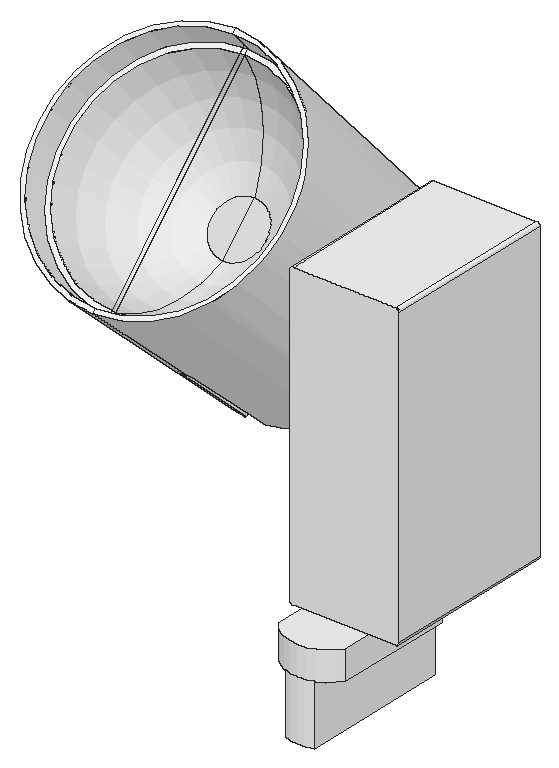
Revit family "0004879 Feilo Sylvania Lighting Fixture START TRACK SPOT L 35W 4K RA90 WB WHITE", category Lighting Fixtures, host Face, Revit 2017
Family settings
  Host = Face
  Round Connector Dimension = Use Diameter
  Part Type = Normal
  OmniClass Number = 23.80.70.00
  OmniClass Title = Lighting
  Cut with Voids When Loaded = No
  Light Source = No
  Shared = No
  Room Calculation Point = No
Parameters (values of type "0004879 START TRACK SPOT L 35W 4K RA90 WB WHITE")
  Weight = "1.368 kg"
  Wattage Comments = ""
  WarrantyStartDate [instance] = "n/a"
  WarrantyGuarantorParts = "n/a"
  WarrantyDurationUnit = "n/a"
  WarrantyDurationParts = "n/a"
  WarrantyDescription = "n/a"
  Voltage = 230 V
  URL = "http://www.sylvania-lighting.com"
  TypeName = "START TRACK SPOT L 35W 4K RA90 WB WHITE"
  TypeHead_FEILO = Start Track Spot Head : 0004879 START TRACK SPOT L 35W 4K RA90 WB WHITE
  TypeBox_FEILO = Start Track Spot Box : Type Large White
  Type Image = <None>
  Type Comments = "n/a"
  VerticalRotation_FEILO [instance] = 0.00°
  SlideEndAngle_FEILO [instance] = VerticalRotation_FEILO + 180.00°  # 180.00°
  SerialNumber [instance] = "n/a"
  Material_3_FEILO = none
  PowerFactor = 0.93
  PowerConsumption = "35 W"
  NominalLength = 0 mm
  NominalHeight = 240 mm
  NominalDepth = 164 mm
  Name = "START TRACK SPOT L 35W 4K RA90 WB WHITE"
  ModelReference = Name  # "START TRACK SPOT L 35W 4K RA90 WB WHITE"
  ModelNumber = "0004879"
  Model = Name  # "START TRACK SPOT L 35W 4K RA90 WB WHITE"
  Material = "adc12 aluminium housing, polycarbonate diffuser"
  ManufacturerName = "Feilo Sylvania"
  Manufacturer = "Feilo Sylvania"
  LuminousEfficacy = "102 lm/W"
  LuminaireType = ""
  LightOutputRatio = "100"
  LampsType = Lamp  # "LED"
  LampNominalLuminous = "3562 lm"
  LampMacAdamStep = "3"
  LampColourTemperature = "4000 K"
  LampColourRenderingIndex = "90"
  Lamp = "LED"
  Keynote = "16500"
  InstallationDate [instance] = "n/a"
  InputVoltage = "230-240V~"
  InputNominalFrequency = "50/60 Hz"
  IngressProtection = "IP20"
  ImpactProtectionIndex = "IK02"
  IfcExportType = "IfcLightFixtureType"
  IfcExportAs = "IfcLightFixtureType"
  HorizontalRotation_FEILO [instance] = 45.00°
  ExpectedLife = 50000
  ElectricShockClassification = "Class II"
  DurationUnit = "hours"
  DocumentationLiterature = "http://www.sylvania-lighting.com/product/en-int/products/0004879"
  DimmingControlOptions = "Non dimmable"
  Material_2_FEILO = none
  Description = "Integrated LED spotlight, Textured White - RAL9016, compact and minimalist design, ideal for retail applications, die-cast aluminium body, passive cooling heatsink. Beam angle: 52°, color temperature: 4000K , total system power: 35W, total fixture output: 3562 lm, LOR: 100%, colour rendering: Ra: 90 typical, LED Chromaticity: 3 step MacAdam ellipse, lifetime: >50000 hours at L70B50, energy class: A++, A+, A, IR/UV free light source without heat radiation, operating voltage: 220-240V / 50-60Hz, drive current: 900mA, electronic driver, non-dimmable, power factor: 0.93, electrical protection: Class II, Global Track 3 Phase adapter suitable for Global trac 3-circuit tracks, ingress protection rating: IP20, suitable for internal environment only, horizontal rotation: 355°, vertical tilt: 90°, dimensions: Ø113x164x240, weight: 1.368kg."
  Default Elevation = 1219.2 mm
  CreatedOn = "12/12/2017"
  CreatedBy = ""
  Cost = 0
  built-in parameter 1114216 [instance] = (empty or 0)
  ClassificationValue = "EF_70_80"
  ClassificationName = "Uniclass2015"
  Material_1_FEILO = Body-Sylvania-StartTrackSpot-White
  BarCode [instance] = "n/a"
  AssetType = "Fixed"
  AssetIdentifier [instance] = "n/a"
  Assembly Code = "D5020200"
  Apparent Load = 35 VA
  Material_4_FEILO = none
Reference planes
  plane 1 "Center (Front/Back)": y = 0
  plane 2: z = 0
  plane 3 "Center (Left/Right)": x = 0
  plane 4: x = 15
  plane 5: x = -15
  plane 6: y = 35
  plane 7: y = -35
  plane 8: z = 13
  plane 9: z = -27
  plane 10: x = 6.5
  plane 11: x = -6.5
  plane 12: y = 27
  plane 13: y = -27
  plane 14: y = 20
Forms (mm)
  Extrusion 1, solid, material "Body-Sylvania-StartTrackSpot-White" <- "Material_1_FEILO"
    sketch origin (0, 0, 0) x (1, 0, 0) y (0, 1, 0)
      loop
        line (-15, 27) -> (-15, -27)
        arc (-15, -27) -> (0, -35) -> (15, -27) r 18.062
        line (15, -27) -> (15, 27)
        arc (15, 27) -> (0, 35) -> (-15, 27) r 18.062
    from 0 to 13
  Extrusion 2, solid, material "Body-Sylvania-StartTrackSpot-White" <- "Material_1_FEILO"
    sketch origin (0, 0, 0) x (1, 0, 0) y (0, 1, 0)
      loop
        arc (6.5, 33.79) -> (0, 35) -> (-6.5, 33.79) r 18.062
        line (-6.5, 33.79) -> (-6.5, -33.79)
        arc (-6.5, -33.79) -> (0, -35) -> (6.5, -33.79) r 18.062
        line (6.5, -33.79) -> (6.5, 33.79)
    from 0 to -27
  Revolve 3, solid, not visible
    sketch origin (1524, 20, 1219.2) x (1, 0, 0) y (0, 0, 1)
      loop
        line (-1524, -1206.2) -> (-1524, -1191.285) -> (-1530.5, -1191.285) -> (-1530.5, -1206.2) -> (-1524, -1206.2)
      axis (-1524, -1191.285) -> (-1524, -1206.2)
    angle from 0 <- "VerticalRotation_FEILO" to 180 <- "SlideEndAngle_FEILO"
Cuts and joins
  joined: Extrusion 1, Extrusion 2
Dimensions and locks
  equal spacing: plane 10, plane 3 "Center (Left/Right)", plane 11
  equal spacing: plane 4, plane 3 "Center (Left/Right)", plane 5
  locked: plane 8 to plane 2 at 13
  locked: plane 8 to plane 9 at 40
  equal spacing: plane 13, plane 1 "Center (Front/Back)", plane 12
  locked: plane 12 to plane 6 at 8
  locked: plane 14 to plane 6 at 15
  locked: Revolve 3 sketch curve to plane 8 at 14.915
  aligned and locked: plane 2 to host face
  aligned and locked: level to host face
  aligned and locked: plane 5 to Extrusion 1 sketch curve  (x2)
  aligned and locked: plane 12 to Extrusion 1 sketch curve
  aligned and locked: plane 13 to Extrusion 1 sketch curve
  aligned and locked: plane 4 to Extrusion 1 sketch curve
  aligned and locked: Extrusion 1 to plane 8
  aligned and locked: Extrusion 1 to level
  aligned and locked: Extrusion 2 sketch curve to Extrusion 1  (x2)
  aligned and locked: Extrusion 2 sketch curve to plane 11
  aligned and locked: plane 10 to Extrusion 2 sketch curve
  aligned and locked: plane 9 to Extrusion 2
  aligned and locked: level to Extrusion 2
  aligned and locked: Revolve 3 sketch curve to plane 3 "Center (Left/Right)"  (x2)
  aligned and locked: plane 11 to Revolve 3 sketch curve
  aligned and locked: Revolve 3 sketch curve to plane 8
Automatic sketch dimensions
  host sketch curve to host sketch curve = 2438.4 mm  (x2)
  Extrusion 1 sketch curve to plane 3 "Center (Left/Right)" = 0 mm  (x2)
  Extrusion 1 sketch curve to plane 13 = 10.062 mm
  plane 12 to Extrusion 1 sketch curve = 10.062 mm
  Revolve 3 sketch curve to plane 3 "Center (Left/Right)" = 0 mm
  plane 9 to Revolve 3 sketch curve = 582.6 mm
  Revolve 3 sketch curve to Revolve 3 sketch curve = 2581.144 mm
Nested families
  nested 1: "Start Track Spot Head" at (-75.5, 20, 133) x (0, 0.7071, 0.7071) z (0, 0.7071, -0.7071), type <- "TypeHead_FEILO", type "0004879 START TRACK SPOT L 35W 4K RA90 WB WHITE"
    with built-in parameter 1114216 (empty or 0)
  nested 2: "Start Track Spot Box" at (8.5, 20, 85) x (-1, 0, 0) z (0, -1, 0), BoxStartAngle_FEILO <- "HorizontalRotation_FEILO", type <- "TypeBox_FEILO", type "Type Large White"
    with BoxStartAngle_FEILO 45.00°, BoxEndAngle_FEILO -135.00°
Connectors
  electrical at (0, 0, 0), driven by "Apparent Load", driven by "PowerFactor", driven by "Voltage"
    settings: index 1, voltage 230 V, apparent load 35 VA, apparent load phase1 0 VA, apparent load phase2 0 VA, apparent load phase3 0 VA, power factor 0.93, load classification "Lighting", number of poles 1, system type 30, power factor state 1, is connector primary yes, connector utility no, sub classification motor no, connector description ""
Definition of nested family "Start Track Spot Head"
  Parameters (values of type "0004811 START TRACK SPOT S 14W 3K RA80 NB WHITE")
    Wattage Comments = "n/a"
    Wattage = 14 W
    built-in parameter 1150110 = 1 (stored number, unit not read)
    URL = "http://www.feilosylvania.com"
    Type Image = (empty or 0)
    Type Comments = "n/a"
    built-in parameter 1114217 = 1 (stored number, unit not read)
    Tilt Angle = -90.00°
    built-in parameter 1150109 = 1 (stored number, unit not read)
    built-in parameter 1150134 = (empty or 0)
    built-in parameter 1150113 = 1 (stored number, unit not read)
    Photometric Web File = "0004811.ies"
    Material_3_FEILO = none
    Model = "START TRACK SPOT S 14W 3K RA80 NB WHITE"
    Manufacturer = "Feilo Sylvania"
    built-in parameter 1150105 = 123.66 (stored number, unit not read)
    Lumens = 1554 lm
    built-in parameter 1150115 = 1 (stored number, unit not read)
    built-in parameter 1150137 = (empty or 0)
    built-in parameter 1150139 = (empty or 0)
    built-in parameter 1150112 = 1 (stored number, unit not read)
    built-in parameter 1150114 = 1 (stored number, unit not read)
    Lamp = "LED"
    Keynote = "16500"
    Material_2_FEILO = none
    built-in parameter 1150132 = (empty or 0)
    built-in parameter 1150102 = (empty or 0)
    built-in parameter 1150107 = 3000 (stored number, unit not read)
    built-in parameter 1150138 = (empty or 0)
    built-in parameter 1150106 = 1.2366 (stored number, unit not read)
    HeadThickness_FEILO = if(HeadDiaOut_FEILO > 112 mm, 2 mm, 1.5 mm)  # 1.5 mm
    HeadRibOffset_FEILO = HeadHeight_FEILO / 28  # 4.179 mm
    HeadRibDepth_FEILO = HeadHeight_FEILO / 2.1  # 55.714 mm
    HeadRibCutWidth_FEILO = HeadDiaOut_FEILO / 12  # 7.167 mm
    HeadRibCutOffset_FEILO = HeadHeight_FEILO / 2.3  # 50.87 mm
    HeadReflectorRadius_FEILO = HeadDiaOut_FEILO / 1.7  # 50.588 mm
    HeadReflectorOffset_FEILO = HeadHeight_FEILO / 2.1  # 55.714 mm
    HeadLEDRadius_FEILO = HeadDiaOut_FEILO / 9  # 9.556 mm
    HeadHeight_FEILO = 117 mm
    HeadDraft_FEILO = 1 mm
    HeadDiffusorThickness_FEILO = 3 mm
    HeadDiffusorOffset_FEILO = HeadHeight_FEILO / 12.4  # 9.435 mm
    HeadDiaOut_FEILO = 86 mm
    HeadDiaIn_FEILO = HeadDiaOut_FEILO / 1.11  # 77.477 mm
    HeadAxisFromTop_FEILO = HeadHeight_FEILO / 1.687  # 69.354 mm
    Emit from Circle Diameter = HeadDiaIn_FEILO  # 77.477 mm
    Emit Shape Visible in Rendering = no
    built-in parameter 1150104 = 10.312 (stored number, unit not read)
    Dimming Lamp Color Temperature Shift = (empty or 0)
    Description = "Integrated LED spotlight, Textured White - RAL9016, compact and minimalist design, ideal for retail applications, die-cast aluminium body, passive cooling heatsink. Beam angle: 12°, color temperature: 3000K , total system power: 14W, total fixture output: 1551 lm, LOR: 100%, colour rendering: Ra: 80 typical, LED Chromaticity: 3 step MacAdam ellipse, lifetime: >50000 hours at L70B50, energy class: A++, A+, A, IR/UV free light source without heat radiation, operating voltage: 220-240V / 50-60Hz, drive current: 350mA, electronic driver, non-dimmable, power factor: 0.92, electrical protection: Class II, Global Track 3 Phase adapter suitable for Global trac 3-circuit tracks, ingress protection rating: IP20, suitable for internal environment only, horizontal rotation: 355°, vertical tilt: 90°, dimensions: Ø86x140x200, weight: 0.940kg."
    Default Elevation = 1219.2 mm
    Cost = 0
    Color Filter = 16777215
    built-in parameter 1114216 [instance] = (empty or 0)
    Material_1_FEILO = none
    built-in parameter 1114218 = 1 (stored number, unit not read)
    built-in parameter 1150133 = 10 (stored number, unit not read)
    Assembly Code = "D5020200"
    Apparent Load = 14 VA
    Material_4_FEILO = none
  Types (96, lengths in mm): name | Wattage | built-in parameter 1150134 | Photometric Web File | Model | built-in parameter 1150105 | Lumens | built-in parameter 1150107 | built-in parameter 1150106 | HeadThickness_FEILO | HeadRibOffset_FEILO | HeadRibDepth_FEILO | HeadRibCutWidth_FEILO | HeadRibCutOffset_FEILO | HeadReflectorRadius_FEILO | HeadReflectorOffset_FEILO | HeadLEDRadius_FEILO | HeadHeight_FEILO | HeadDiffusorOffset_FEILO | HeadDiaOut_FEILO | HeadDiaIn_FEILO | HeadAxisFromTop_FEILO | Emit from Circle Diameter | built-in parameter 1150104 | Description | Apparent Load
    0004906 START TRACK SPOT L 55W 4K RA90 WB BLACK | 55 W | 12 | "0004906.ies" | "START TRACK SPOT L 55W 4K RA90 WB BLACK" | 385.15 (stored number, unit not read) | 4840 lm | 4000 (stored number, unit not read) | 3.8515 (stored number, unit not read) | 2 | 4.429 | 59.048 | 9.417 | 53.913 | 66.471 | 59.048 | 12.556 | 124 | 10 | 113 | 101.802 | 73.503 | 101.802 | 8.1755 (stored number, unit not read) | "Integrated LED spotlight, Textured Black - RAL9005, compact and minimalist design, ideal for retail applications, die-cast aluminium body, passive cooling heatsink. Beam angle: 52°, color temperature: 4000K , total system power: 55W, total fixture output: 4824 lm, LOR: 100%, colour rendering: Ra: 90 typical, LED Chromaticity: 3 step MacAdam ellipse, lifetime: >50000 hours at L70B50, energy class: A++, A+, A, IR/UV free light source without heat radiation, operating voltage: 220-240V / 50-60Hz, drive current: 1400mA, electronic driver, non-dimmable, power factor: 0.96, electrical protection: Class II, Global Track 3 Phase adapter suitable for Global trac 3-circuit tracks, ingress protection rating: IP20, suitable for internal environment only, horizontal rotation: 355°, vertical tilt: 90°, dimensions: Ø113x164x240, weight: 1.398kg." | 55 VA
    0004905 START TRACK SPOT L 55W 4K RA90 MB BLACK | 55 W | 12 | "0004905.ies" | "START TRACK SPOT L 55W 4K RA90 MB BLACK" | 389.53 (stored number, unit not read) | 4895 lm | 4000 (stored number, unit not read) | 3.8953 (stored number, unit not read) | 2 | 4.429 | 59.048 | 9.417 | 53.913 | 66.471 | 59.048 | 12.556 | 124 | 10 | 113 | 101.802 | 73.503 | 101.802 | 8.2684 (stored number, unit not read) | "Integrated LED spotlight, Textured Black - RAL9005, compact and minimalist design, ideal for retail applications, die-cast aluminium body, passive cooling heatsink. Beam angle: 38°, color temperature: 4000K , total system power: 55W, total fixture output: 4897 lm, LOR: 100%, colour rendering: Ra: 90 typical, LED Chromaticity: 3 step MacAdam ellipse, lifetime: >50000 hours at L70B50, energy class: A++, A+, A, IR/UV free light source without heat radiation, operating voltage: 220-240V / 50-60Hz, drive current: 1400mA, electronic driver, non-dimmable, power factor: 0.96, electrical protection: Class II, Global Track 3 Phase adapter suitable for Global trac 3-circuit tracks, ingress protection rating: IP20, suitable for internal environment only, horizontal rotation: 355°, vertical tilt: 90°, dimensions: Ø113x164x240, weight: 1.398kg." | 55 VA
    0004904 START TRACK SPOT L 55W 4K RA90 NB BLACK | 55 W | 12 | "0004904.ies" | "START TRACK SPOT L 55W 4K RA90 NB BLACK" | 393.91 (stored number, unit not read) | 4950 lm | 4000 (stored number, unit not read) | 3.9391 (stored number, unit not read) | 2 | 4.429 | 59.048 | 9.417 | 53.913 | 66.471 | 59.048 | 12.556 | 124 | 10 | 113 | 101.802 | 73.503 | 101.802 | 8.3613 (stored number, unit not read) | "Integrated LED spotlight, Textured Black - RAL9005, compact and minimalist design, ideal for retail applications, die-cast aluminium body, passive cooling heatsink. Beam angle: 15°, color temperature: 4000K , total system power: 55W, total fixture output: 4965 lm, LOR: 100%, colour rendering: Ra: 90 typical, LED Chromaticity: 3 step MacAdam ellipse, lifetime: >50000 hours at L70B50, energy class: A++, A+, A, IR/UV free light source without heat radiation, operating voltage: 220-240V / 50-60Hz, drive current: 1400mA, electronic driver, non-dimmable, power factor: 0.96, electrical protection: Class II, Global Track 3 Phase adapter suitable for Global trac 3-circuit tracks, ingress protection rating: IP20, suitable for internal environment only, horizontal rotation: 355°, vertical tilt: 90°, dimensions: Ø113x164x240, weight: 1.398kg." | 55 VA
    0004903 START TRACK SPOT L 35W 4K RA90 WB BLACK | 35 W | 12 | "0004903.ies" | "START TRACK SPOT L 35W 4K RA90 WB BLACK" | 284.09 (stored number, unit not read) | 3570 lm | 4000 (stored number, unit not read) | 2.8409 (stored number, unit not read) | 2 | 4.429 | 59.048 | 9.417 | 53.913 | 66.471 | 59.048 | 12.556 | 124 | 10 | 113 | 101.802 | 73.503 | 101.802 | 9.4761 (stored number, unit not read) | "Integrated LED spotlight, Textured Black - RAL9005, compact and minimalist design, ideal for retail applications, die-cast aluminium body, passive cooling heatsink. Beam angle: 52°, color temperature: 4000K , total system power: 35W, total fixture output: 3562 lm, LOR: 100%, colour rendering: Ra: 90 typical, LED Chromaticity: 3 step MacAdam ellipse, lifetime: >50000 hours at L70B50, energy class: A++, A+, A, IR/UV free light source without heat radiation, operating voltage: 220-240V / 50-60Hz, drive current: 900mA, electronic driver, non-dimmable, power factor: 0.93, electrical protection: Class II, Global Track 3 Phase adapter suitable for Global trac 3-circuit tracks, ingress protection rating: IP20, suitable for internal environment only, horizontal rotation: 355°, vertical tilt: 90°, dimensions: Ø113x164x240, weight: 1.368kg." | 35 VA
    0004902 START TRACK SPOT L 35W 4K RA90 MB BLACK | 35 W | 12 | "0004902.ies" | "START TRACK SPOT L 35W 4K RA90 MB BLACK" | 286.88 (stored number, unit not read) | 3605 lm | 4000 (stored number, unit not read) | 2.8688 (stored number, unit not read) | 2 | 4.429 | 59.048 | 9.417 | 53.913 | 66.471 | 59.048 | 12.556 | 124 | 10 | 113 | 101.802 | 73.503 | 101.802 | 9.569 (stored number, unit not read) | "Integrated LED spotlight, Textured Black - RAL9005, compact and minimalist design, ideal for retail applications, die-cast aluminium body, passive cooling heatsink. Beam angle: 38°, color temperature: 4000K , total system power: 35W, total fixture output: 3616 lm, LOR: 100%, colour rendering: Ra: 90 typical, LED Chromaticity: 3 step MacAdam ellipse, lifetime: >50000 hours at L70B50, energy class: A++, A+, A, IR/UV free light source without heat radiation, operating voltage: 220-240V / 50-60Hz, drive current: 900mA, electronic driver, non-dimmable, power factor: 0.93, electrical protection: Class II, Global Track 3 Phase adapter suitable for Global trac 3-circuit tracks, ingress protection rating: IP20, suitable for internal environment only, horizontal rotation: 355°, vertical tilt: 90°, dimensions: Ø113x164x240, weight: 1.368kg." | 35 VA
    0004901 START TRACK SPOT L 35W 4K RA90 NB BLACK | 35 W | 12 | "0004901.ies" | "START TRACK SPOT L 35W 4K RA90 NB BLACK" | 286.88 (stored number, unit not read) | 3605 lm | 4000 (stored number, unit not read) | 2.8688 (stored number, unit not read) | 2 | 4.429 | 59.048 | 9.417 | 53.913 | 66.471 | 59.048 | 12.556 | 124 | 10 | 113 | 101.802 | 73.503 | 101.802 | 9.569 (stored number, unit not read) | "Integrated LED spotlight, Textured Black - RAL9005, compact and minimalist design, ideal for retail applications, die-cast aluminium body, passive cooling heatsink. Beam angle: 15°, color temperature: 4000K , total system power: 35W, total fixture output: 3593 lm, LOR: 100%, colour rendering: Ra: 90 typical, LED Chromaticity: 3 step MacAdam ellipse, lifetime: >50000 hours at L70B50, energy class: A++, A+, A, IR/UV free light source without heat radiation, operating voltage: 220-240V / 50-60Hz, drive current: 900mA, electronic driver, non-dimmable, power factor: 0.93, electrical protection: Class II, Global Track 3 Phase adapter suitable for Global trac 3-circuit tracks, ingress protection rating: IP20, suitable for internal environment only, horizontal rotation: 355°, vertical tilt: 90°, dimensions: Ø113x164x240, weight: 1.368kg." | 35 VA
    0004900 START TRACK SPOT S 24W 4K RA90 WB BLACK | 24 W | 12 | "0004900.ies" | "START TRACK SPOT S 24W 4K RA90 WB BLACK" | 166.16 (stored number, unit not read) | 2088 lm | 4000 (stored number, unit not read) | 1.6616 (stored number, unit not read) | 1.5 | 4.179 | 55.714 | 7.167 | 50.87 | 50.588 | 55.714 | 9.556 | 117 | 9.435 | 86 | 77.477 | 69.354 | 77.477 | 8.0826 (stored number, unit not read) | "Integrated LED spotlight, Textured Black - RAL9005, compact and minimalist design, ideal for retail applications, die-cast aluminium body, passive cooling heatsink. Beam angle: 64°, color temperature: 4000K , total system power: 24W, total fixture output: 2087 lm, LOR: 100%, colour rendering: Ra: 90 typical, LED Chromaticity: 3 step MacAdam ellipse, lifetime: >50000 hours at L70B50, energy class: A++, A+, A, IR/UV free light source without heat radiation, operating voltage: 220-240V / 50-60Hz, drive current: 600mA, electronic driver, non-dimmable, power factor: 0.95, electrical protection: Class II, Global Track 3 Phase adapter suitable for Global trac 3-circuit tracks, ingress protection rating: IP20, suitable for internal environment only, horizontal rotation: 355°, vertical tilt: 90°, dimensions: Ø86x140x200, weight: 0.966kg." | 24 VA
    0004899 START TRACK SPOT S 24W 4K RA90 MB BLACK | 24 W | 12 | "0004899.ies" | "START TRACK SPOT S 24W 4K RA90 MB BLACK" | 169.98 (stored number, unit not read) | 2136 lm | 4000 (stored number, unit not read) | 1.6998 (stored number, unit not read) | 1.5 | 4.179 | 55.714 | 7.167 | 50.87 | 50.588 | 55.714 | 9.556 | 117 | 9.435 | 86 | 77.477 | 69.354 | 77.477 | 8.2684 (stored number, unit not read) | "Integrated LED spotlight, Textured Black - RAL9005, compact and minimalist design, ideal for retail applications, die-cast aluminium body, passive cooling heatsink. Beam angle: 36°, color temperature: 4000K , total system power: 24W, total fixture output: 2141 lm, LOR: 100%, colour rendering: Ra: 90 typical, LED Chromaticity: 3 step MacAdam ellipse, lifetime: >50000 hours at L70B50, energy class: A++, A+, A, IR/UV free light source without heat radiation, operating voltage: 220-240V / 50-60Hz, drive current: 600mA, electronic driver, non-dimmable, power factor: 0.95, electrical protection: Class II, Global Track 3 Phase adapter suitable for Global trac 3-circuit tracks, ingress protection rating: IP20, suitable for internal environment only, horizontal rotation: 355°, vertical tilt: 90°, dimensions: Ø86x140x200, weight: 0.966kg." | 24 VA
    0004898 START TRACK SPOT S 24W 4K RA90 NB BLACK | 24 W | 12 | "0004898.ies" | "START TRACK SPOT S 24W 4K RA90 NB BLACK" | 171.89 (stored number, unit not read) | 2160 lm | 4000 (stored number, unit not read) | 1.7189 (stored number, unit not read) | 1.5 | 4.179 | 55.714 | 7.167 | 50.87 | 50.588 | 55.714 | 9.556 | 117 | 9.435 | 86 | 77.477 | 69.354 | 77.477 | 8.3613 (stored number, unit not read) | "Integrated LED spotlight, Textured Black - RAL9005, compact and minimalist design, ideal for retail applications, die-cast aluminium body, passive cooling heatsink. Beam angle: 12°, color temperature: 4000K , total system power: 24W, total fixture output: 2155 lm, LOR: 100%, colour rendering: Ra: 90 typical, LED Chromaticity: 3 step MacAdam ellipse, lifetime: >50000 hours at L70B50, energy class: A++, A+, A, IR/UV free light source without heat radiation, operating voltage: 220-240V / 50-60Hz, drive current: 600mA, electronic driver, non-dimmable, power factor: 0.95, electrical protection: Class II, Global Track 3 Phase adapter suitable for Global trac 3-circuit tracks, ingress protection rating: IP20, suitable for internal environment only, horizontal rotation: 355°, vertical tilt: 90°, dimensions: Ø86x140x200, weight: 0.966kg." | 24 VA
    0004897 START TRACK SPOT S 14W 4K RA90 WB BLACK | 14 W | 12 | "0004897.ies" | "START TRACK SPOT S 14W 4K RA90 WB BLACK" | 108.07 (stored number, unit not read) | 1358 lm | 4000 (stored number, unit not read) | 1.0807 (stored number, unit not read) | 1.5 | 4.179 | 55.714 | 7.167 | 50.87 | 50.588 | 55.714 | 9.556 | 117 | 9.435 | 86 | 77.477 | 69.354 | 77.477 | 9.0116 (stored number, unit not read) | "Integrated LED spotlight, Textured Black - RAL9005, compact and minimalist design, ideal for retail applications, die-cast aluminium body, passive cooling heatsink. Beam angle: 64°, color temperature: 4000K , total system power: 14W, total fixture output: 1352 lm, LOR: 100%, colour rendering: Ra: 90 typical, LED Chromaticity: 3 step MacAdam ellipse, lifetime: >50000 hours at L70B50, energy class: A++, A+, A, IR/UV free light source without heat radiation, operating voltage: 220-240V / 50-60Hz, drive current: 350mA, electronic driver, non-dimmable, power factor: 0.92, electrical protection: Class II, Global Track 3 Phase adapter suitable for Global trac 3-circuit tracks, ingress protection rating: IP20, suitable for internal environment only, horizontal rotation: 355°, vertical tilt: 90°, dimensions: Ø86x140x200, weight: 0.940kg." | 14 VA
    0004896 START TRACK SPOT S 14W 4K RA90 MB BLACK | 14 W | 12 | "0004896.ies" | "START TRACK SPOT S 14W 4K RA90 MB BLACK" | 108.07 (stored number, unit not read) | 1358 lm | 4000 (stored number, unit not read) | 1.0807 (stored number, unit not read) | 1.5 | 4.179 | 55.714 | 7.167 | 50.87 | 50.588 | 55.714 | 9.556 | 117 | 9.435 | 86 | 77.477 | 69.354 | 77.477 | 9.0116 (stored number, unit not read) | "Integrated LED spotlight, Textured Black - RAL9005, compact and minimalist design, ideal for retail applications, die-cast aluminium body, passive cooling heatsink. Beam angle: 36°, color temperature: 4000K , total system power: 14W, total fixture output: 1359 lm, LOR: 100%, colour rendering: Ra: 90 typical, LED Chromaticity: 3 step MacAdam ellipse, lifetime: >50000 hours at L70B50, energy class: A++, A+, A, IR/UV free light source without heat radiation, operating voltage: 220-240V / 50-60Hz, drive current: 350mA, electronic driver, non-dimmable, power factor: 0.92, electrical protection: Class II, Global Track 3 Phase adapter suitable for Global trac 3-circuit tracks, ingress protection rating: IP20, suitable for internal environment only, horizontal rotation: 355°, vertical tilt: 90°, dimensions: Ø86x140x200, weight: 0.940kg." | 14 VA
    0004895 START TRACK SPOT S 14W 4K RA90 NB BLACK | 14 W | 12 | "0004895.ies" | "START TRACK SPOT S 14W 4K RA90 NB BLACK" | 106.95 (stored number, unit not read) | 1344 lm | 4000 (stored number, unit not read) | 1.0695 (stored number, unit not read) | 1.5 | 4.179 | 55.714 | 7.167 | 50.87 | 50.588 | 55.714 | 9.556 | 117 | 9.435 | 86 | 77.477 | 69.354 | 77.477 | 8.9187 (stored number, unit not read) | "Integrated LED spotlight, Textured Black - RAL9005, compact and minimalist design, ideal for retail applications, die-cast aluminium body, passive cooling heatsink. Beam angle: 12°, color temperature: 4000K , total system power: 14W, total fixture output: 1349 lm, LOR: 100%, colour rendering: Ra: 90 typical, LED Chromaticity: 3 step MacAdam ellipse, lifetime: >50000 hours at L70B50, energy class: A++, A+, A, IR/UV free light source without heat radiation, operating voltage: 220-240V / 50-60Hz, drive current: 350mA, electronic driver, non-dimmable, power factor: 0.92, electrical protection: Class II, Global Track 3 Phase adapter suitable for Global trac 3-circuit tracks, ingress protection rating: IP20, suitable for internal environment only, horizontal rotation: 355°, vertical tilt: 90°, dimensions: Ø86x140x200, weight: 0.940kg." | 14 VA
    0004894 START TRACK SPOT L 55W 3K RA90 WB BLACK | 55 W | (empty or 0) | "0004894.ies" | "START TRACK SPOT L 55W 3K RA90 WB BLACK" | 350.14 (stored number, unit not read) | 4400 lm | 3000 (stored number, unit not read) | 3.5014 (stored number, unit not read) | 2 | 4.429 | 59.048 | 9.417 | 53.913 | 66.471 | 59.048 | 12.556 | 124 | 10 | 113 | 101.802 | 73.503 | 101.802 | 7.4322 (stored number, unit not read) | "Integrated LED spotlight, Textured Black - RAL9005, compact and minimalist design, ideal for retail applications, die-cast aluminium body, passive cooling heatsink. Beam angle: 52°, color temperature: 3000K , total system power: 55W, total fixture output: 4405 lm, LOR: 100%, colour rendering: Ra: 90 typical, LED Chromaticity: 3 step MacAdam ellipse, lifetime: >50000 hours at L70B50, energy class: A++, A+, A, IR/UV free light source without heat radiation, operating voltage: 220-240V / 50-60Hz, drive current: 1400mA, electronic driver, non-dimmable, power factor: 0.96, electrical protection: Class II, Global Track 3 Phase adapter suitable for Global trac 3-circuit tracks, ingress protection rating: IP20, suitable for internal environment only, horizontal rotation: 355°, vertical tilt: 90°, dimensions: Ø113x164x240, weight: 1.398kg." | 55 VA
    0004893 START TRACK SPOT L 55W 3K RA90 MB BLACK | 55 W | (empty or 0) | "0004893.ies" | "START TRACK SPOT L 55W 3K RA90 MB BLACK" | 354.52 (stored number, unit not read) | 4455 lm | 3000 (stored number, unit not read) | 3.5452 (stored number, unit not read) | 2 | 4.429 | 59.048 | 9.417 | 53.913 | 66.471 | 59.048 | 12.556 | 124 | 10 | 113 | 101.802 | 73.503 | 101.802 | 7.5251 (stored number, unit not read) | "Integrated LED spotlight, Textured Black - RAL9005, compact and minimalist design, ideal for retail applications, die-cast aluminium body, passive cooling heatsink. Beam angle: 38°, color temperature: 3000K , total system power: 55W, total fixture output: 4448 lm, LOR: 100%, colour rendering: Ra: 90 typical, LED Chromaticity: 3 step MacAdam ellipse, lifetime: >50000 hours at L70B50, energy class: A++, A+, A, IR/UV free light source without heat radiation, operating voltage: 220-240V / 50-60Hz, drive current: 1400mA, electronic driver, non-dimmable, power factor: 0.96, electrical protection: Class II, Global Track 3 Phase adapter suitable for Global trac 3-circuit tracks, ingress protection rating: IP20, suitable for internal environment only, horizontal rotation: 355°, vertical tilt: 90°, dimensions: Ø113x164x240, weight: 1.398kg." | 55 VA
    0004892 START TRACK SPOT L 55W 3K RA90 NB BLACK | 55 W | (empty or 0) | "0004892.ies" | "START TRACK SPOT L 55W 3K RA90 NB BLACK" | 350.14 (stored number, unit not read) | 4400 lm | 3000 (stored number, unit not read) | 3.5014 (stored number, unit not read) | 2 | 4.429 | 59.048 | 9.417 | 53.913 | 66.471 | 59.048 | 12.556 | 124 | 10 | 113 | 101.802 | 73.503 | 101.802 | 7.4322 (stored number, unit not read) | "Integrated LED spotlight, Textured Black - RAL9005, compact and minimalist design, ideal for retail applications, die-cast aluminium body, passive cooling heatsink. Beam angle: 15°, color temperature: 3000K , total system power: 55W, total fixture output: 4416 lm, LOR: 100%, colour rendering: Ra: 90 typical, LED Chromaticity: 3 step MacAdam ellipse, lifetime: >50000 hours at L70B50, energy class: A++, A+, A, IR/UV free light source without heat radiation, operating voltage: 220-240V / 50-60Hz, drive current: 1400mA, electronic driver, non-dimmable, power factor: 0.96, electrical protection: Class II, Global Track 3 Phase adapter suitable for Global trac 3-circuit tracks, ingress protection rating: IP20, suitable for internal environment only, horizontal rotation: 355°, vertical tilt: 90°, dimensions: Ø113x164x240, weight: 1.398kg." | 55 VA
    0004891 START TRACK SPOT L 35W 3K RA90 WB BLACK | 35 W | (empty or 0) | "0004891.ies" | "START TRACK SPOT L 35W 3K RA90 WB BLACK" | 259.02 (stored number, unit not read) | 3255 lm | 3000 (stored number, unit not read) | 2.5902 (stored number, unit not read) | 2 | 4.429 | 59.048 | 9.417 | 53.913 | 66.471 | 59.048 | 12.556 | 124 | 10 | 113 | 101.802 | 73.503 | 101.802 | 8.64 (stored number, unit not read) | "Integrated LED spotlight, Textured Black - RAL9005, compact and minimalist design, ideal for retail applications, die-cast aluminium body, passive cooling heatsink. Beam angle: 52°, color temperature: 3000K , total system power: 35W, total fixture output: 3260 lm, LOR: 100%, colour rendering: Ra: 90 typical, LED Chromaticity: 3 step MacAdam ellipse, lifetime: >50000 hours at L70B50, energy class: A++, A+, A, IR/UV free light source without heat radiation, operating voltage: 220-240V / 50-60Hz, drive current: 900mA, electronic driver, non-dimmable, power factor: 0.93, electrical protection: Class II, Global Track 3 Phase adapter suitable for Global trac 3-circuit tracks, ingress protection rating: IP20, suitable for internal environment only, horizontal rotation: 355°, vertical tilt: 90°, dimensions: Ø113x164x240, weight: 1.368kg." | 35 VA
    0004890 START TRACK SPOT L 35W 3K RA90 MB BLACK | 35 W | (empty or 0) | "0004890.ies" | "START TRACK SPOT L 35W 3K RA90 MB BLACK" | 261.81 (stored number, unit not read) | 3290 lm | 3000 (stored number, unit not read) | 2.6181 (stored number, unit not read) | 2 | 4.429 | 59.048 | 9.417 | 53.913 | 66.471 | 59.048 | 12.556 | 124 | 10 | 113 | 101.802 | 73.503 | 101.802 | 8.7329 (stored number, unit not read) | "Integrated LED spotlight, Textured Black - RAL9005, compact and minimalist design, ideal for retail applications, die-cast aluminium body, passive cooling heatsink. Beam angle: 38°, color temperature: 3000K , total system power: 35W, total fixture output: 3306 lm, LOR: 100%, colour rendering: Ra: 90 typical, LED Chromaticity: 3 step MacAdam ellipse, lifetime: >50000 hours at L70B50, energy class: A++, A+, A, IR/UV free light source without heat radiation, operating voltage: 220-240V / 50-60Hz, drive current: 900mA, electronic driver, non-dimmable, power factor: 0.93, electrical protection: Class II, Global Track 3 Phase adapter suitable for Global trac 3-circuit tracks, ingress protection rating: IP20, suitable for internal environment only, horizontal rotation: 355°, vertical tilt: 90°, dimensions: Ø113x164x240, weight: 1.368kg." | 35 VA
    0004889 START TRACK SPOT L 35W 3K RA90 NB BLACK | 35 W | (empty or 0) | "0004889.ies" | "START TRACK SPOT L 35W 3K RA90 NB BLACK" | 261.81 (stored number, unit not read) | 3290 lm | 3000 (stored number, unit not read) | 2.6181 (stored number, unit not read) | 2 | 4.429 | 59.048 | 9.417 | 53.913 | 66.471 | 59.048 | 12.556 | 124 | 10 | 113 | 101.802 | 73.503 | 101.802 | 8.7329 (stored number, unit not read) | "Integrated LED spotlight, Textured Black - RAL9005, compact and minimalist design, ideal for retail applications, die-cast aluminium body, passive cooling heatsink. Beam angle: 15°, color temperature: 3000K , total system power: 35W, total fixture output: 3287 lm, LOR: 100%, colour rendering: Ra: 90 typical, LED Chromaticity: 3 step MacAdam ellipse, lifetime: >50000 hours at L70B50, energy class: A++, A+, A, IR/UV free light source without heat radiation, operating voltage: 220-240V / 50-60Hz, drive current: 900mA, electronic driver, non-dimmable, power factor: 0.93, electrical protection: Class II, Global Track 3 Phase adapter suitable for Global trac 3-circuit tracks, ingress protection rating: IP20, suitable for internal environment only, horizontal rotation: 355°, vertical tilt: 90°, dimensions: Ø113x164x240, weight: 1.368kg." | 35 VA
    0004888 START TRACK SPOT S 24W 3K RA90 WB BLACK | 24 W | (empty or 0) | "0004888.ies" | "START TRACK SPOT S 24W 3K RA90 WB BLACK" | 152.79 (stored number, unit not read) | 1920 lm | 3000 (stored number, unit not read) | 1.5279 (stored number, unit not read) | 1.5 | 4.179 | 55.714 | 7.167 | 50.87 | 50.588 | 55.714 | 9.556 | 117 | 9.435 | 86 | 77.477 | 69.354 | 77.477 | 7.4322 (stored number, unit not read) | "Integrated LED spotlight, Textured Black - RAL9005, compact and minimalist design, ideal for retail applications, die-cast aluminium body, passive cooling heatsink. Beam angle: 64°, color temperature: 3000K , total system power: 24W, total fixture output: 1928 lm, LOR: 100%, colour rendering: Ra: 90 typical, LED Chromaticity: 3 step MacAdam ellipse, lifetime: >50000 hours at L70B50, energy class: A++, A+, A, IR/UV free light source without heat radiation, operating voltage: 220-240V / 50-60Hz, drive current: 600mA, electronic driver, non-dimmable, power factor: 0.95, electrical protection: Class II, Global Track 3 Phase adapter suitable for Global trac 3-circuit tracks, ingress protection rating: IP20, suitable for internal environment only, horizontal rotation: 355°, vertical tilt: 90°, dimensions: Ø86x140x200, weight: 0.966kg." | 24 VA
    0004887 START TRACK SPOT S 24W 3K RA90 MB BLACK | 24 W | (empty or 0) | "0004887.ies" | "START TRACK SPOT S 24W 3K RA90 MB BLACK" | 154.7 (stored number, unit not read) | 1944 lm | 3000 (stored number, unit not read) | 1.547 (stored number, unit not read) | 1.5 | 4.179 | 55.714 | 7.167 | 50.87 | 50.588 | 55.714 | 9.556 | 117 | 9.435 | 86 | 77.477 | 69.354 | 77.477 | 7.5251 (stored number, unit not read) | "Integrated LED spotlight, Textured Black - RAL9005, compact and minimalist design, ideal for retail applications, die-cast aluminium body, passive cooling heatsink. Beam angle: 36°, color temperature: 3000K , total system power: 24W, total fixture output: 1944 lm, LOR: 100%, colour rendering: Ra: 90 typical, LED Chromaticity: 3 step MacAdam ellipse, lifetime: >50000 hours at L70B50, energy class: A++, A+, A, IR/UV free light source without heat radiation, operating voltage: 220-240V / 50-60Hz, drive current: 600mA, electronic driver, non-dimmable, power factor: 0.95, electrical protection: Class II, Global Track 3 Phase adapter suitable for Global trac 3-circuit tracks, ingress protection rating: IP20, suitable for internal environment only, horizontal rotation: 355°, vertical tilt: 90°, dimensions: Ø86x140x200, weight: 0.966kg." | 24 VA
    0004886 START TRACK SPOT S 24W 3K RA90 NB BLACK | 24 W | (empty or 0) | "0004886.ies" | "START TRACK SPOT S 24W 3K RA90 NB BLACK" | 158.52 (stored number, unit not read) | 1992 lm | 3000 (stored number, unit not read) | 1.5852 (stored number, unit not read) | 1.5 | 4.179 | 55.714 | 7.167 | 50.87 | 50.588 | 55.714 | 9.556 | 117 | 9.435 | 86 | 77.477 | 69.354 | 77.477 | 7.711 (stored number, unit not read) | "Integrated LED spotlight, Textured Black - RAL9005, compact and minimalist design, ideal for retail applications, die-cast aluminium body, passive cooling heatsink. Beam angle: 12°, color temperature: 3000K , total system power: 24W, total fixture output: 1987 lm, LOR: 100%, colour rendering: Ra: 90 typical, LED Chromaticity: 3 step MacAdam ellipse, lifetime: >50000 hours at L70B50, energy class: A++, A+, A, IR/UV free light source without heat radiation, operating voltage: 220-240V / 50-60Hz, drive current: 600mA, electronic driver, non-dimmable, power factor: 0.95, electrical protection: Class II, Global Track 3 Phase adapter suitable for Global trac 3-circuit tracks, ingress protection rating: IP20, suitable for internal environment only, horizontal rotation: 355°, vertical tilt: 90°, dimensions: Ø86x140x200, weight: 0.966kg." | 24 VA
    0004885 START TRACK SPOT S 14W 3K RA90 WB BLACK | 14 W | (empty or 0) | "0004885.ies" | "START TRACK SPOT S 14W 3K RA90 WB BLACK" | 100.27 (stored number, unit not read) | 1260 lm | 3000 (stored number, unit not read) | 1.0027 (stored number, unit not read) | 1.5 | 4.179 | 55.714 | 7.167 | 50.87 | 50.588 | 55.714 | 9.556 | 117 | 9.435 | 86 | 77.477 | 69.354 | 77.477 | 8.3613 (stored number, unit not read) | "Integrated LED spotlight, Textured Black - RAL9005, compact and minimalist design, ideal for retail applications, die-cast aluminium body, passive cooling heatsink. Beam angle: 64°, color temperature: 3000K , total system power: 14W, total fixture output: 1262 lm, LOR: 100%, colour rendering: Ra: 90 typical, LED Chromaticity: 3 step MacAdam ellipse, lifetime: >50000 hours at L70B50, energy class: A++, A+, A, IR/UV free light source without heat radiation, operating voltage: 220-240V / 50-60Hz, drive current: 350mA, electronic driver, non-dimmable, power factor: 0.92, electrical protection: Class II, Global Track 3 Phase adapter suitable for Global trac 3-circuit tracks, ingress protection rating: IP20, suitable for internal environment only, horizontal rotation: 355°, vertical tilt: 90°, dimensions: Ø86x140x200, weight: 0.940kg." | 14 VA
    0004884 START TRACK SPOT S 14W 3K RA90 MB BLACK | 14 W | (empty or 0) | "0004884.ies" | "START TRACK SPOT S 14W 3K RA90 MB BLACK" | 100.27 (stored number, unit not read) | 1260 lm | 3000 (stored number, unit not read) | 1.0027 (stored number, unit not read) | 1.5 | 4.179 | 55.714 | 7.167 | 50.87 | 50.588 | 55.714 | 9.556 | 117 | 9.435 | 86 | 77.477 | 69.354 | 77.477 | 8.3613 (stored number, unit not read) | "Integrated LED spotlight, Textured Black - RAL9005, compact and minimalist design, ideal for retail applications, die-cast aluminium body, passive cooling heatsink. Beam angle: 36°, color temperature: 3000K , total system power: 14W, total fixture output: 1262 lm, LOR: 100%, colour rendering: Ra: 90 typical, LED Chromaticity: 3 step MacAdam ellipse, lifetime: >50000 hours at L70B50, energy class: A++, A+, A, IR/UV free light source without heat radiation, operating voltage: 220-240V / 50-60Hz, drive current: 350mA, electronic driver, non-dimmable, power factor: 0.92, electrical protection: Class II, Global Track 3 Phase adapter suitable for Global trac 3-circuit tracks, ingress protection rating: IP20, suitable for internal environment only, horizontal rotation: 355°, vertical tilt: 90°, dimensions: Ø86x140x200, weight: 0.940kg." | 14 VA
    0004883 START TRACK SPOT S 14W 3K RA90 NB BLACK | 14 W | (empty or 0) | "0004883.ies" | "START TRACK SPOT S 14W 3K RA90 NB BLACK" | 102.5 (stored number, unit not read) | 1288 lm | 3000 (stored number, unit not read) | 1.025 (stored number, unit not read) | 1.5 | 4.179 | 55.714 | 7.167 | 50.87 | 50.588 | 55.714 | 9.556 | 117 | 9.435 | 86 | 77.477 | 69.354 | 77.477 | 8.5471 (stored number, unit not read) | "Integrated LED spotlight, Textured Black - RAL9005, compact and minimalist design, ideal for retail applications, die-cast aluminium body, passive cooling heatsink. Beam angle: 12°, color temperature: 3000K , total system power: 14W, total fixture output: 1284 lm, LOR: 100%, colour rendering: Ra: 90 typical, LED Chromaticity: 3 step MacAdam ellipse, lifetime: >50000 hours at L70B50, energy class: A++, A+, A, IR/UV free light source without heat radiation, operating voltage: 220-240V / 50-60Hz, drive current: 350mA, electronic driver, non-dimmable, power factor: 0.92, electrical protection: Class II, Global Track 3 Phase adapter suitable for Global trac 3-circuit tracks, ingress protection rating: IP20, suitable for internal environment only, horizontal rotation: 355°, vertical tilt: 90°, dimensions: Ø86x140x200, weight: 0.940kg." | 14 VA
    0004882 START TRACK SPOT L 55W 4K RA90 WB WHITE | 55 W | 12 | "0004882.ies" | "START TRACK SPOT L 55W 4K RA90 WB WHITE" | 385.15 (stored number, unit not read) | 4840 lm | 4000 (stored number, unit not read) | 3.8515 (stored number, unit not read) | 2 | 4.429 | 59.048 | 9.417 | 53.913 | 66.471 | 59.048 | 12.556 | 124 | 10 | 113 | 101.802 | 73.503 | 101.802 | 8.1755 (stored number, unit not read) | "Integrated LED spotlight, Textured White - RAL9016, compact and minimalist design, ideal for retail applications, die-cast aluminium body, passive cooling heatsink. Beam angle: 52°, color temperature: 4000K , total system power: 55W, total fixture output: 4824 lm, LOR: 100%, colour rendering: Ra: 90 typical, LED Chromaticity: 3 step MacAdam ellipse, lifetime: >50000 hours at L70B50, energy class: A++, A+, A, IR/UV free light source without heat radiation, operating voltage: 220-240V / 50-60Hz, drive current: 1400mA, electronic driver, non-dimmable, power factor: 0.96, electrical protection: Class II, Global Track 3 Phase adapter suitable for Global trac 3-circuit tracks, ingress protection rating: IP20, suitable for internal environment only, horizontal rotation: 355°, vertical tilt: 90°, dimensions: Ø113x164x240, weight: 1.398kg." | 55 VA
    0004881 START TRACK SPOT L 55W 4K RA90 MB WHITE | 55 W | 12 | "0004881.ies" | "START TRACK SPOT L 55W 4K RA90 MB WHITE" | 389.53 (stored number, unit not read) | 4895 lm | 4000 (stored number, unit not read) | 3.8953 (stored number, unit not read) | 2 | 4.429 | 59.048 | 9.417 | 53.913 | 66.471 | 59.048 | 12.556 | 124 | 10 | 113 | 101.802 | 73.503 | 101.802 | 8.2684 (stored number, unit not read) | "Integrated LED spotlight, Textured White - RAL9016, compact and minimalist design, ideal for retail applications, die-cast aluminium body, passive cooling heatsink. Beam angle: 38°, color temperature: 4000K , total system power: 55W, total fixture output: 4897 lm, LOR: 100%, colour rendering: Ra: 90 typical, LED Chromaticity: 3 step MacAdam ellipse, lifetime: >50000 hours at L70B50, energy class: A++, A+, A, IR/UV free light source without heat radiation, operating voltage: 220-240V / 50-60Hz, drive current: 1400mA, electronic driver, non-dimmable, power factor: 0.96, electrical protection: Class II, Global Track 3 Phase adapter suitable for Global trac 3-circuit tracks, ingress protection rating: IP20, suitable for internal environment only, horizontal rotation: 355°, vertical tilt: 90°, dimensions: Ø113x164x240, weight: 1.398kg." | 55 VA
    0004880 START TRACK SPOT L 55W 4K RA90 NB WHITE | 55 W | 12 | "0004880.ies" | "START TRACK SPOT L 55W 4K RA90 NB WHITE" | 393.91 (stored number, unit not read) | 4950 lm | 4000 (stored number, unit not read) | 3.9391 (stored number, unit not read) | 2 | 4.429 | 59.048 | 9.417 | 53.913 | 66.471 | 59.048 | 12.556 | 124 | 10 | 113 | 101.802 | 73.503 | 101.802 | 8.3613 (stored number, unit not read) | "Integrated LED spotlight, Textured White - RAL9016, compact and minimalist design, ideal for retail applications, die-cast aluminium body, passive cooling heatsink. Beam angle: 15°, color temperature: 4000K , total system power: 55W, total fixture output: 4965 lm, LOR: 100%, colour rendering: Ra: 90 typical, LED Chromaticity: 3 step MacAdam ellipse, lifetime: >50000 hours at L70B50, energy class: A++, A+, A, IR/UV free light source without heat radiation, operating voltage: 220-240V / 50-60Hz, drive current: 1400mA, electronic driver, non-dimmable, power factor: 0.96, electrical protection: Class II, Global Track 3 Phase adapter suitable for Global trac 3-circuit tracks, ingress protection rating: IP20, suitable for internal environment only, horizontal rotation: 355°, vertical tilt: 90°, dimensions: Ø113x164x240, weight: 1.398kg." | 55 VA
    0004879 START TRACK SPOT L 35W 4K RA90 WB WHITE | 35 W | 12 | "0004879.ies" | "START TRACK SPOT L 35W 4K RA90 WB WHITE" | 284.09 (stored number, unit not read) | 3570 lm | 4000 (stored number, unit not read) | 2.8409 (stored number, unit not read) | 2 | 4.429 | 59.048 | 9.417 | 53.913 | 66.471 | 59.048 | 12.556 | 124 | 10 | 113 | 101.802 | 73.503 | 101.802 | 9.4761 (stored number, unit not read) | "Integrated LED spotlight, Textured White - RAL9016, compact and minimalist design, ideal for retail applications, die-cast aluminium body, passive cooling heatsink. Beam angle: 52°, color temperature: 4000K , total system power: 35W, total fixture output: 3562 lm, LOR: 100%, colour rendering: Ra: 90 typical, LED Chromaticity: 3 step MacAdam ellipse, lifetime: >50000 hours at L70B50, energy class: A++, A+, A, IR/UV free light source without heat radiation, operating voltage: 220-240V / 50-60Hz, drive current: 900mA, electronic driver, non-dimmable, power factor: 0.93, electrical protection: Class II, Global Track 3 Phase adapter suitable for Global trac 3-circuit tracks, ingress protection rating: IP20, suitable for internal environment only, horizontal rotation: 355°, vertical tilt: 90°, dimensions: Ø113x164x240, weight: 1.368kg." | 35 VA
    0004878 START TRACK SPOT L 35W 4K RA90 MB WHITE | 35 W | 12 | "0004878.ies" | "START TRACK SPOT L 35W 4K RA90 MB WHITE" | 286.88 (stored number, unit not read) | 3605 lm | 4000 (stored number, unit not read) | 2.8688 (stored number, unit not read) | 2 | 4.429 | 59.048 | 9.417 | 53.913 | 66.471 | 59.048 | 12.556 | 124 | 10 | 113 | 101.802 | 73.503 | 101.802 | 9.569 (stored number, unit not read) | "Integrated LED spotlight, Textured White - RAL9016, compact and minimalist design, ideal for retail applications, die-cast aluminium body, passive cooling heatsink. Beam angle: 38°, color temperature: 4000K , total system power: 35W, total fixture output: 3616 lm, LOR: 100%, colour rendering: Ra: 90 typical, LED Chromaticity: 3 step MacAdam ellipse, lifetime: >50000 hours at L70B50, energy class: A++, A+, A, IR/UV free light source without heat radiation, operating voltage: 220-240V / 50-60Hz, drive current: 900mA, electronic driver, non-dimmable, power factor: 0.93, electrical protection: Class II, Global Track 3 Phase adapter suitable for Global trac 3-circuit tracks, ingress protection rating: IP20, suitable for internal environment only, horizontal rotation: 355°, vertical tilt: 90°, dimensions: Ø113x164x240, weight: 1.368kg." | 35 VA
    0004877 START TRACK SPOT L 35W 4K RA90 NB WHITE | 35 W | 12 | "0004877.ies" | "START TRACK SPOT L 35W 4K RA90 NB WHITE" | 286.88 (stored number, unit not read) | 3605 lm | 4000 (stored number, unit not read) | 2.8688 (stored number, unit not read) | 2 | 4.429 | 59.048 | 9.417 | 53.913 | 66.471 | 59.048 | 12.556 | 124 | 10 | 113 | 101.802 | 73.503 | 101.802 | 9.569 (stored number, unit not read) | "Integrated LED spotlight, Textured White - RAL9016, compact and minimalist design, ideal for retail applications, die-cast aluminium body, passive cooling heatsink. Beam angle: 15°, color temperature: 4000K , total system power: 35W, total fixture output: 3593 lm, LOR: 100%, colour rendering: Ra: 90 typical, LED Chromaticity: 3 step MacAdam ellipse, lifetime: >50000 hours at L70B50, energy class: A++, A+, A, IR/UV free light source without heat radiation, operating voltage: 220-240V / 50-60Hz, drive current: 900mA, electronic driver, non-dimmable, power factor: 0.93, electrical protection: Class II, Global Track 3 Phase adapter suitable for Global trac 3-circuit tracks, ingress protection rating: IP20, suitable for internal environment only, horizontal rotation: 355°, vertical tilt: 90°, dimensions: Ø113x164x240, weight: 1.368kg." | 35 VA
    0004876 START TRACK SPOT S 24W 4K RA90 WB WHITE | 24 W | 12 | "0004876.ies" | "START TRACK SPOT S 24W 4K RA90 WB WHITE" | 166.16 (stored number, unit not read) | 2088 lm | 4000 (stored number, unit not read) | 1.6616 (stored number, unit not read) | 1.5 | 4.179 | 55.714 | 7.167 | 50.87 | 50.588 | 55.714 | 9.556 | 117 | 9.435 | 86 | 77.477 | 69.354 | 77.477 | 8.0826 (stored number, unit not read) | "Integrated LED spotlight, Textured White - RAL9016, compact and minimalist design, ideal for retail applications, die-cast aluminium body, passive cooling heatsink. Beam angle: 64°, color temperature: 4000K , total system power: 24W, total fixture output: 2087 lm, LOR: 100%, colour rendering: Ra: 90 typical, LED Chromaticity: 3 step MacAdam ellipse, lifetime: >50000 hours at L70B50, energy class: A++, A+, A, IR/UV free light source without heat radiation, operating voltage: 220-240V / 50-60Hz, drive current: 600mA, electronic driver, non-dimmable, power factor: 0.95, electrical protection: Class II, Global Track 3 Phase adapter suitable for Global trac 3-circuit tracks, ingress protection rating: IP20, suitable for internal environment only, horizontal rotation: 355°, vertical tilt: 90°, dimensions: Ø86x140x200, weight: 0.966kg." | 24 VA
    0004875 START TRACK SPOT S 24W 4K RA90 MB WHITE | 24 W | 12 | "0004875.ies" | "START TRACK SPOT S 24W 4K RA90 MB WHITE" | 169.98 (stored number, unit not read) | 2136 lm | 4000 (stored number, unit not read) | 1.6998 (stored number, unit not read) | 1.5 | 4.179 | 55.714 | 7.167 | 50.87 | 50.588 | 55.714 | 9.556 | 117 | 9.435 | 86 | 77.477 | 69.354 | 77.477 | 8.2684 (stored number, unit not read) | "Integrated LED spotlight, Textured White - RAL9016, compact and minimalist design, ideal for retail applications, die-cast aluminium body, passive cooling heatsink. Beam angle: 36°, color temperature: 4000K , total system power: 24W, total fixture output: 2141 lm, LOR: 100%, colour rendering: Ra: 90 typical, LED Chromaticity: 3 step MacAdam ellipse, lifetime: >50000 hours at L70B50, energy class: A++, A+, A, IR/UV free light source without heat radiation, operating voltage: 220-240V / 50-60Hz, drive current: 600mA, electronic driver, non-dimmable, power factor: 0.95, electrical protection: Class II, Global Track 3 Phase adapter suitable for Global trac 3-circuit tracks, ingress protection rating: IP20, suitable for internal environment only, horizontal rotation: 355°, vertical tilt: 90°, dimensions: Ø86x140x200, weight: 0.966kg." | 24 VA
    0004874 START TRACK SPOT S 24W 4K RA90 NB WHITE | 24 W | 12 | "0004874.ies" | "START TRACK SPOT S 24W 4K RA90 NB WHITE" | 171.89 (stored number, unit not read) | 2160 lm | 4000 (stored number, unit not read) | 1.7189 (stored number, unit not read) | 1.5 | 4.179 | 55.714 | 7.167 | 50.87 | 50.588 | 55.714 | 9.556 | 117 | 9.435 | 86 | 77.477 | 69.354 | 77.477 | 8.3613 (stored number, unit not read) | "Integrated LED spotlight, Textured White - RAL9016, compact and minimalist design, ideal for retail applications, die-cast aluminium body, passive cooling heatsink. Beam angle: 12°, color temperature: 4000K , total system power: 24W, total fixture output: 2155 lm, LOR: 100%, colour rendering: Ra: 90 typical, LED Chromaticity: 3 step MacAdam ellipse, lifetime: >50000 hours at L70B50, energy class: A++, A+, A, IR/UV free light source without heat radiation, operating voltage: 220-240V / 50-60Hz, drive current: 600mA, electronic driver, non-dimmable, power factor: 0.95, electrical protection: Class II, Global Track 3 Phase adapter suitable for Global trac 3-circuit tracks, ingress protection rating: IP20, suitable for internal environment only, horizontal rotation: 355°, vertical tilt: 90°, dimensions: Ø86x140x200, weight: 0.966kg." | 24 VA
    0004873 START TRACK SPOT S 14W 4K RA90 WB WHITE | 14 W | 12 | "0004873.ies" | "START TRACK SPOT S 14W 4K RA90 WB WHITE" | 108.07 (stored number, unit not read) | 1358 lm | 4000 (stored number, unit not read) | 1.0807 (stored number, unit not read) | 1.5 | 4.179 | 55.714 | 7.167 | 50.87 | 50.588 | 55.714 | 9.556 | 117 | 9.435 | 86 | 77.477 | 69.354 | 77.477 | 9.0116 (stored number, unit not read) | "Integrated LED spotlight, Textured White - RAL9016, compact and minimalist design, ideal for retail applications, die-cast aluminium body, passive cooling heatsink. Beam angle: 64°, color temperature: 4000K , total system power: 14W, total fixture output: 1352 lm, LOR: 100%, colour rendering: Ra: 90 typical, LED Chromaticity: 3 step MacAdam ellipse, lifetime: >50000 hours at L70B50, energy class: A++, A+, A, IR/UV free light source without heat radiation, operating voltage: 220-240V / 50-60Hz, drive current: 350mA, electronic driver, non-dimmable, power factor: 0.92, electrical protection: Class II, Global Track 3 Phase adapter suitable for Global trac 3-circuit tracks, ingress protection rating: IP20, suitable for internal environment only, horizontal rotation: 355°, vertical tilt: 90°, dimensions: Ø86x140x200, weight: 0.940kg." | 14 VA
    0004872 START TRACK SPOT S 14W 4K RA90 MB WHITE | 14 W | 12 | "0004872.ies" | "START TRACK SPOT S 14W 4K RA90 MB WHITE" | 108.07 (stored number, unit not read) | 1358 lm | 4000 (stored number, unit not read) | 1.0807 (stored number, unit not read) | 1.5 | 4.179 | 55.714 | 7.167 | 50.87 | 50.588 | 55.714 | 9.556 | 117 | 9.435 | 86 | 77.477 | 69.354 | 77.477 | 9.0116 (stored number, unit not read) | "Integrated LED spotlight, Textured White - RAL9016, compact and minimalist design, ideal for retail applications, die-cast aluminium body, passive cooling heatsink. Beam angle: 36°, color temperature: 4000K , total system power: 14W, total fixture output: 1359 lm, LOR: 100%, colour rendering: Ra: 90 typical, LED Chromaticity: 3 step MacAdam ellipse, lifetime: >50000 hours at L70B50, energy class: A++, A+, A, IR/UV free light source without heat radiation, operating voltage: 220-240V / 50-60Hz, drive current: 350mA, electronic driver, non-dimmable, power factor: 0.92, electrical protection: Class II, Global Track 3 Phase adapter suitable for Global trac 3-circuit tracks, ingress protection rating: IP20, suitable for internal environment only, horizontal rotation: 355°, vertical tilt: 90°, dimensions: Ø86x140x200, weight: 0.940kg." | 14 VA
    0004871 START TRACK SPOT S 14W 4K RA90 NB WHITE | 14 W | 12 | "0004871.ies" | "START TRACK SPOT S 14W 4K RA90 NB WHITE" | 106.95 (stored number, unit not read) | 1344 lm | 4000 (stored number, unit not read) | 1.0695 (stored number, unit not read) | 1.5 | 4.179 | 55.714 | 7.167 | 50.87 | 50.588 | 55.714 | 9.556 | 117 | 9.435 | 86 | 77.477 | 69.354 | 77.477 | 8.9187 (stored number, unit not read) | "Integrated LED spotlight, Textured White - RAL9016, compact and minimalist design, ideal for retail applications, die-cast aluminium body, passive cooling heatsink. Beam angle: 12°, color temperature: 4000K , total system power: 14W, total fixture output: 1349 lm, LOR: 100%, colour rendering: Ra: 90 typical, LED Chromaticity: 3 step MacAdam ellipse, lifetime: >50000 hours at L70B50, energy class: A++, A+, A, IR/UV free light source without heat radiation, operating voltage: 220-240V / 50-60Hz, drive current: 350mA, electronic driver, non-dimmable, power factor: 0.92, electrical protection: Class II, Global Track 3 Phase adapter suitable for Global trac 3-circuit tracks, ingress protection rating: IP20, suitable for internal environment only, horizontal rotation: 355°, vertical tilt: 90°, dimensions: Ø86x140x200, weight: 0.940kg." | 14 VA
    0004870 START TRACK SPOT L 55W 3K RA90 WB WHITE | 55 W | (empty or 0) | "0004870.ies" | "START TRACK SPOT L 55W 3K RA90 WB WHITE" | 350.14 (stored number, unit not read) | 4400 lm | 3000 (stored number, unit not read) | 3.5014 (stored number, unit not read) | 2 | 4.429 | 59.048 | 9.417 | 53.913 | 66.471 | 59.048 | 12.556 | 124 | 10 | 113 | 101.802 | 73.503 | 101.802 | 7.4322 (stored number, unit not read) | "Integrated LED spotlight, Textured White - RAL9016, compact and minimalist design, ideal for retail applications, die-cast aluminium body, passive cooling heatsink. Beam angle: 52°, color temperature: 3000K , total system power: 55W, total fixture output: 4405 lm, LOR: 100%, colour rendering: Ra: 90 typical, LED Chromaticity: 3 step MacAdam ellipse, lifetime: >50000 hours at L70B50, energy class: A++, A+, A, IR/UV free light source without heat radiation, operating voltage: 220-240V / 50-60Hz, drive current: 1400mA, electronic driver, non-dimmable, power factor: 0.96, electrical protection: Class II, Global Track 3 Phase adapter suitable for Global trac 3-circuit tracks, ingress protection rating: IP20, suitable for internal environment only, horizontal rotation: 355°, vertical tilt: 90°, dimensions: Ø113x164x240, weight: 1.398kg." | 55 VA
    0004869 START TRACK SPOT L 55W 3K RA90 MB WHITE | 55 W | (empty or 0) | "0004869.ies" | "START TRACK SPOT L 55W 3K RA90 MB WHITE" | 354.52 (stored number, unit not read) | 4455 lm | 3000 (stored number, unit not read) | 3.5452 (stored number, unit not read) | 2 | 4.429 | 59.048 | 9.417 | 53.913 | 66.471 | 59.048 | 12.556 | 124 | 10 | 113 | 101.802 | 73.503 | 101.802 | 7.5251 (stored number, unit not read) | "Integrated LED spotlight, Textured White - RAL9016, compact and minimalist design, ideal for retail applications, die-cast aluminium body, passive cooling heatsink. Beam angle: 38°, color temperature: 3000K , total system power: 55W, total fixture output: 4448 lm, LOR: 100%, colour rendering: Ra: 90 typical, LED Chromaticity: 3 step MacAdam ellipse, lifetime: >50000 hours at L70B50, energy class: A++, A+, A, IR/UV free light source without heat radiation, operating voltage: 220-240V / 50-60Hz, drive current: 1400mA, electronic driver, non-dimmable, power factor: 0.96, electrical protection: Class II, Global Track 3 Phase adapter suitable for Global trac 3-circuit tracks, ingress protection rating: IP20, suitable for internal environment only, horizontal rotation: 355°, vertical tilt: 90°, dimensions: Ø113x164x240, weight: 1.398kg." | 55 VA
    0004868 START TRACK SPOT L 55W 3K RA90 NB WHITE | 55 W | (empty or 0) | "0004868.ies" | "START TRACK SPOT L 55W 3K RA90 NB WHITE" | 350.14 (stored number, unit not read) | 4400 lm | 3000 (stored number, unit not read) | 3.5014 (stored number, unit not read) | 2 | 4.429 | 59.048 | 9.417 | 53.913 | 66.471 | 59.048 | 12.556 | 124 | 10 | 113 | 101.802 | 73.503 | 101.802 | 7.4322 (stored number, unit not read) | "Integrated LED spotlight, Textured White - RAL9016, compact and minimalist design, ideal for retail applications, die-cast aluminium body, passive cooling heatsink. Beam angle: 15°, color temperature: 3000K , total system power: 55W, total fixture output: 4416 lm, LOR: 100%, colour rendering: Ra: 90 typical, LED Chromaticity: 3 step MacAdam ellipse, lifetime: >50000 hours at L70B50, energy class: A++, A+, A, IR/UV free light source without heat radiation, operating voltage: 220-240V / 50-60Hz, drive current: 1400mA, electronic driver, non-dimmable, power factor: 0.96, electrical protection: Class II, Global Track 3 Phase adapter suitable for Global trac 3-circuit tracks, ingress protection rating: IP20, suitable for internal environment only, horizontal rotation: 355°, vertical tilt: 90°, dimensions: Ø113x164x240, weight: 1.398kg." | 55 VA
    0004867 START TRACK SPOT L 35W 3K RA90 WB WHITE | 35 W | (empty or 0) | "0004867.ies" | "START TRACK SPOT L 35W 3K RA90 WB WHITE" | 259.02 (stored number, unit not read) | 3255 lm | 3000 (stored number, unit not read) | 2.5902 (stored number, unit not read) | 2 | 4.429 | 59.048 | 9.417 | 53.913 | 66.471 | 59.048 | 12.556 | 124 | 10 | 113 | 101.802 | 73.503 | 101.802 | 8.64 (stored number, unit not read) | "Integrated LED spotlight, Textured White - RAL9016, compact and minimalist design, ideal for retail applications, die-cast aluminium body, passive cooling heatsink. Beam angle: 52°, color temperature: 3000K , total system power: 35W, total fixture output: 3260 lm, LOR: 100%, colour rendering: Ra: 90 typical, LED Chromaticity: 3 step MacAdam ellipse, lifetime: >50000 hours at L70B50, energy class: A++, A+, A, IR/UV free light source without heat radiation, operating voltage: 220-240V / 50-60Hz, drive current: 900mA, electronic driver, non-dimmable, power factor: 0.93, electrical protection: Class II, Global Track 3 Phase adapter suitable for Global trac 3-circuit tracks, ingress protection rating: IP20, suitable for internal environment only, horizontal rotation: 355°, vertical tilt: 90°, dimensions: Ø113x164x240, weight: 1.368kg." | 35 VA
    0004866 START TRACK SPOT L 35W 3K RA90 MB WHITE | 35 W | (empty or 0) | "0004866.ies" | "START TRACK SPOT L 35W 3K RA90 MB WHITE" | 261.81 (stored number, unit not read) | 3290 lm | 3000 (stored number, unit not read) | 2.6181 (stored number, unit not read) | 2 | 4.429 | 59.048 | 9.417 | 53.913 | 66.471 | 59.048 | 12.556 | 124 | 10 | 113 | 101.802 | 73.503 | 101.802 | 8.7329 (stored number, unit not read) | "Integrated LED spotlight, Textured White - RAL9016, compact and minimalist design, ideal for retail applications, die-cast aluminium body, passive cooling heatsink. Beam angle: 38°, color temperature: 3000K , total system power: 35W, total fixture output: 3306 lm, LOR: 100%, colour rendering: Ra: 90 typical, LED Chromaticity: 3 step MacAdam ellipse, lifetime: >50000 hours at L70B50, energy class: A++, A+, A, IR/UV free light source without heat radiation, operating voltage: 220-240V / 50-60Hz, drive current: 900mA, electronic driver, non-dimmable, power factor: 0.93, electrical protection: Class II, Global Track 3 Phase adapter suitable for Global trac 3-circuit tracks, ingress protection rating: IP20, suitable for internal environment only, horizontal rotation: 355°, vertical tilt: 90°, dimensions: Ø113x164x240, weight: 1.368kg." | 35 VA
    0004865 START TRACK SPOT L 35W 3K RA90 NB WHITE | 35 W | (empty or 0) | "0004865.ies" | "START TRACK SPOT L 35W 3K RA90 NB WHITE" | 261.81 (stored number, unit not read) | 3290 lm | 3000 (stored number, unit not read) | 2.6181 (stored number, unit not read) | 2 | 4.429 | 59.048 | 9.417 | 53.913 | 66.471 | 59.048 | 12.556 | 124 | 10 | 113 | 101.802 | 73.503 | 101.802 | 8.7329 (stored number, unit not read) | "Integrated LED spotlight, Textured White - RAL9016, compact and minimalist design, ideal for retail applications, die-cast aluminium body, passive cooling heatsink. Beam angle: 15°, color temperature: 3000K , total system power: 35W, total fixture output: 3287 lm, LOR: 100%, colour rendering: Ra: 90 typical, LED Chromaticity: 3 step MacAdam ellipse, lifetime: >50000 hours at L70B50, energy class: A++, A+, A, IR/UV free light source without heat radiation, operating voltage: 220-240V / 50-60Hz, drive current: 900mA, electronic driver, non-dimmable, power factor: 0.93, electrical protection: Class II, Global Track 3 Phase adapter suitable for Global trac 3-circuit tracks, ingress protection rating: IP20, suitable for internal environment only, horizontal rotation: 355°, vertical tilt: 90°, dimensions: Ø113x164x240, weight: 1.368kg." | 35 VA
